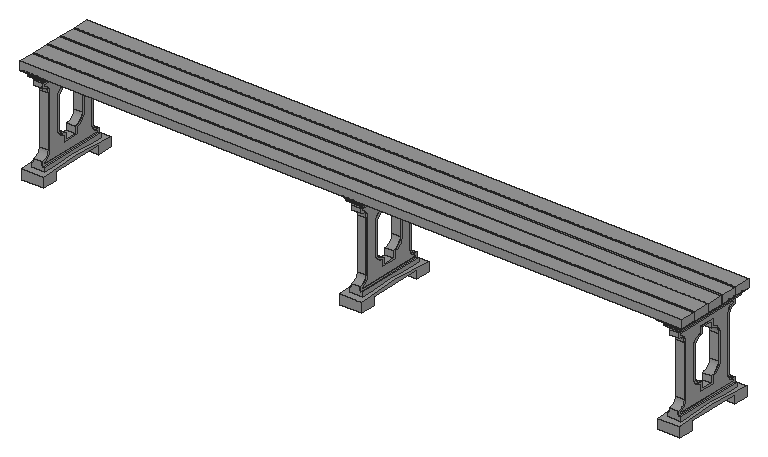
Revit family "Банкетка чугунная «Ладья» Арт 7245", category Антураж, Revit 2018
Family settings
  На основе рабочей плоскости = Нет
  Всегда вертикально = Да
  При загрузке вырезать с полостями = Нет
  Источник визуального образа = Геометрия семейства
  Общий = Нет
  Точка расчета площади = Нет
Parameters (values of type "Версия 3,0 м (3 попры)")
  Ширина = 380 mm  # constant formula
  Цвет опор = Чугун
  Цвет лавки = Дерево
  Средняя опора = or([Версия 2,0 м (3 опоры)], [Версия 3,0 м (3 опоры)])  # yes
  Описание = if([Версия 1,5 м], "Банкетка чугунная «Ладья». Версия 1,5 м", if([Версия 1,8 м], "Банкетка чугунная «Ладья». Версия 1,8 м", if([Версия 2,0 м], "Банкетка чугунная «Ладья». Версия 2,0 м", if([Версия 2,0 м (3 опоры)], "Банкетка чугунная «Ладья». Версия 2,0 м (3 опоры)", "Банкетка чугунная «Ладья». Версия 3,0 м (3 опоры)"))))  # "Банкетка чугунная «Ладья». Версия 3,0 м (3 опоры)"
  Материал изделия = "Чугун, дерево"  # constant formula
  Изображение типоразмера = Банкетка чугунная «Ладья» Арт 7245.jpg
  Изготовитель = "ООО «Хоббика»"  # constant formula
  Длина = if([Версия 1,5 м], 1500 mm, if([Версия 1,8 м], 1800 mm, if([Версия 2,0 м], 2000 mm, if([Версия 2,0 м (3 опоры)], 2000 mm, 3000 mm))))  # 3000 mm
  Группа модели = "Садовые скамейки"  # constant formula
  Высота = 480 mm  # constant formula
  Версия 3,0 м (3 опоры) = yes
  Версия 2,0 м (3 опоры) = no
  Версия 2,0 м = no
  Версия 1,8 м = no
  Версия 1,5 м = no
  Артикул товара = "Арт. 7245"  # constant formula
  URL = "https://hobbyka.ru/product/banketka_chugunnaya_ladya/"
Types (6, lengths in mm): name | Средняя опора | Описание | Длина | Версия 3,0 м (3 опоры) | Версия 2,0 м (3 опоры) | Версия 2,0 м | Версия 1,8 м | Версия 1,5 м
  (no name) | yes | "Банкетка чугунная «Ладья». Версия 3,0 м (3 опоры)" | 3000 | yes | no | no | no | no
  Версия 1,5 м | no | "Банкетка чугунная «Ладья». Версия 1,5 м" | 1500 | no | no | no | no | yes
  Версия 1,8 м | no | "Банкетка чугунная «Ладья». Версия 1,8 м" | 1800 | no | no | no | yes | no
  Версия 2,0 м | no | "Банкетка чугунная «Ладья». Версия 2,0 м" | 2000 | no | no | yes | no | no
  Версия 2,0 м (3 опоры) | yes | "Банкетка чугунная «Ладья». Версия 2,0 м (3 опоры)" | 2000 | no | yes | no | no | no
  Версия 3,0 м (3 попры) | yes | "Банкетка чугунная «Ладья». Версия 3,0 м (3 опоры)" | 3000 | yes | no | no | no | no
Reference planes
  plane 1 "По центру (Вперед/Назад)": y = 0
  plane 2: z = 0
  plane 3 "По центру (Влево/Вправо)": x = 0
  plane 4: x = 3000
  plane 5: x = 2943
  plane 6: x = 56.536
  plane 7: x = 1500
  plane 8: y = 380
  plane 9: z = 480
Forms (mm)
  Extrusion 1, solid, material "Дерево" <- "Цвет лавки"
    sketch origin (0, 0, 0) x (0, 1, 0) y (0, 0, 1)
      loop
        line (380, 480) -> (310, 480) -> (310, 445) -> (380, 445) -> (380, 480)
      loop
        line (232.5, 445) -> (302.5, 445) -> (302.5, 480) -> (232.5, 480) -> (232.5, 445)
      loop
        line (155, 445) -> (225, 445) -> (225, 480) -> (155, 480) -> (155, 445)
      loop
        line (77.5, 445) -> (147.5, 445) -> (147.5, 480) -> (77.5, 480) -> (77.5, 445)
      loop
        line (70, 480) -> (0, 480) -> (0, 445) -> (70, 445) -> (70, 480)
    from 0 to 3000
Dimensions and locks
  "Ширина": plane 8 to plane 1 "По центру (Вперед/Назад)"
  "Высота": plane 9 to plane 2
  locked: plane 3 "По центру (Влево/Вправо)" to plane 6 at 56.536
  equal spacing: plane 3 "По центру (Влево/Вправо)", plane 7, plane 4
  locked: plane 5 to plane 4 at 57
  "Длина": plane 3 "По центру (Влево/Вправо)" to plane 4
  aligned and locked: level to plane 2
  aligned and locked: nested 1 to plane 1 "По центру (Вперед/Назад)"
  aligned and locked: nested 3 to plane 1 "По центру (Вперед/Назад)"
  aligned and locked: nested 2 to plane 1 "По центру (Вперед/Назад)"
  aligned and locked: nested 1 to plane 6
  aligned and locked: nested 3 to plane 7
  aligned and locked: nested 2 to plane 5
  aligned and locked: Extrusion 1 to plane 3 "По центру (Влево/Вправо)"
  aligned and locked: plane 4 to Extrusion 1
Automatic sketch dimensions
  Extrusion 1 sketch curve to Extrusion 1 sketch curve = 70 mm  (x4)
  Extrusion 1 sketch curve to Extrusion 1 sketch curve = 35 mm
  Extrusion 1 sketch curve to plane 9 = 0 mm  (x5)
  Extrusion 1 sketch curve to plane 8 = 0 mm
  Extrusion 1 sketch curve to Extrusion 1 sketch curve = 7.5 mm  (x4)
  Extrusion 1 sketch curve to plane 9 = 35 mm  (x3)
  Extrusion 1 sketch curve to plane 1 "По центру (Вперед/Назад)" = 0 mm
  Extrusion 1 sketch curve to Extrusion 1 sketch curve = 0 mm
Nested families
  nested 1: "Банкетка чугунная «Ладья» Арт 7245 опоры" at (56.536, 380, 0) x (-1, 0, 0) z (0, 0, 1), type "Банкетка чугунная «Ладья» Арт 7245 опоры"
  nested 2: "Банкетка чугунная «Ладья» Арт 7245 опоры" at (2943, 380, 0) x (-1, 0, 0) z (0, 0, 1), type "Банкетка чугунная «Ладья» Арт 7245 опоры"
  nested 3: "Банкетка чугунная «Ладья» Арт 7245 опоры" at (1500, 380, 0) x (-1, 0, 0) z (0, 0, 1), visible <- "Средняя опора", type "Банкетка чугунная «Ладья» Арт 7245 опоры"
Definition of nested family "Банкетка чугунная «Ладья» Арт 7245 опоры"
  Parameters (values of type "Банкетка чугунная «Ладья» Арт 7245 опоры")
    Цвет опоры = none
    Height = 0 mm
  Reference planes
    plane 1 "По центру (Вперед/Назад)": y = 0
    plane 2: z = 0
    plane 3 "По центру (Влево/Вправо)": x = 0
    plane 4: y = 380
    plane 5: z = 480
  Forms (mm)
    Extrusion 1, solid, material <- "Цвет опоры"
      sketch origin (0, 388.15, -25) x (0, 1, 0) y (0, 0, 1)
        loop
          line (-38.15, 406.535) -> (-38.15, 426.535) -> (-358.15, 426.535) -> (-358.15, 406.535)
          arc (-358.15, 406.535) -> (-334.487, 396.733) -> (-324.685, 373.07) r 33.465
          line (-324.685, 373.07) -> (-324.685, 140.989)
          arc (-324.685, 140.989) -> (-334.487, 117.326) -> (-358.15, 107.524) r 33.465
          line (-358.15, 107.524) -> (-358.15, 87.524) -> (-38.15, 87.524) -> (-38.15, 107.524)
          arc (-38.15, 107.524) -> (-61.813, 117.326) -> (-71.615, 140.989) r 33.465
          line (-71.615, 140.989) -> (-71.615, 373.07)
          arc (-71.615, 373.07) -> (-61.813, 396.733) -> (-38.15, 406.535) r 33.465
        loop
          line (-169.53, 393.149) -> (-226.77, 393.149) -> (-226.77, 364.369)
          arc (-226.77, 364.369) -> (-255.779, 352.353) -> (-267.795, 323.345) r 41.024
          line (-267.795, 323.345) -> (-267.795, 210.793)
          arc (-267.795, 210.793) -> (-255.779, 181.784) -> (-226.77, 169.769) r 41.024
          line (-226.77, 169.769) -> (-226.77, 140.989) -> (-169.53, 140.989) -> (-169.53, 169.769)
          arc (-169.53, 169.769) -> (-140.521, 181.784) -> (-128.506, 210.793) r 41.024
          line (-128.506, 210.793) -> (-128.506, 323.345)
          arc (-128.506, 323.345) -> (-140.521, 352.353) -> (-169.53, 364.369) r 41.024
          line (-169.53, 364.369) -> (-169.53, 393.149)
      from -20 to 20
    Extrusion 2, solid, material <- "Цвет опоры"
      sketch origin (0, 398.071, 0) x (0, 1, 0) y (0, 0, 1)
        loop
          line (-85.001, -0.194) -> (-18.071, -0.194) -> (-18.071, 42.728)
          arc (-18.071, 42.728) -> (-208.071, 54.192) -> (-398.071, 42.728) r 1580.132
          line (-398.071, 42.728) -> (-398.071, -0.194) -> (-331.141, -0.194) -> (-331.141, 38.263)
          arc (-331.141, 38.263) -> (-208.071, 43.629) -> (-85.001, 38.263) r 1414.125
          line (-85.001, 38.263) -> (-85.001, -0.194)
      from -50 to 50
    Extrusion 3, solid, material <- "Цвет опоры"
      sketch origin (0, 0, 0) x (0, 1, 0) y (0, 0, 1)
        loop
          line (30, 64.059) -> (30, 44.104)
          arc (30, 44.104) -> (189.997, 52.277) -> (350, 44.207) r 1580.132
          line (350, 44.207) -> (350, 64.059) -> (30, 64.059)
      from -30 to 30
    Extrusion 4, solid, material <- "Цвет опоры"
      sketch origin (0, 390.158, 0) x (0, 1, 0) y (0, 0, 1)
        loop
          line (-40.158, 445) -> (-360.158, 445) -> (-360.158, 401.535) -> (-40.158, 401.535) -> (-40.158, 445)
      from -20 to 20
    Extrusion 5, void
      sketch origin (0, 0, 0) x (0, 1, 0) y (0, 0, 1)
        loop
          line (35, 396.535) -> (35, 386.209)
          arc (35, 386.209) -> (58.913, 373.44) -> (68.465, 348.07) r 38.465
          line (68.465, 348.07) -> (68.465, 115.989)
          arc (68.465, 115.989) -> (58.913, 90.619) -> (35, 77.85) r 38.465
          line (35, 77.85) -> (35, 67.524) -> (345, 67.524) -> (345, 77.85)
          arc (345, 77.85) -> (321.087, 90.619) -> (311.535, 115.989) r 38.465
          line (311.535, 115.989) -> (311.535, 348.07)
          arc (311.535, 348.07) -> (321.087, 373.44) -> (345, 386.209) r 38.465
          line (345, 386.209) -> (345, 396.535) -> (35, 396.535)
        loop
          line (115.355, 298.345) -> (115.355, 185.793)
          arc (115.355, 185.793) -> (127.113, 155.067) -> (156.38, 140.041) r 46.024
          line (156.38, 140.041) -> (156.38, 110.989) -> (223.62, 110.989) -> (223.62, 140.041)
          arc (223.62, 140.041) -> (252.887, 155.067) -> (264.645, 185.793) r 46.024
          line (264.645, 185.793) -> (264.645, 298.345)
          arc (264.645, 298.345) -> (252.887, 329.07) -> (223.62, 344.097) r 46.024
          line (223.62, 344.097) -> (223.62, 373.149) -> (156.38, 373.149) -> (156.38, 344.097)
          arc (156.38, 344.097) -> (127.113, 329.07) -> (115.355, 298.345) r 46.024
      from -20 to -15
    Extrusion 6, void
      sketch origin (0, 0, 0) x (0, 1, 0) y (0, 0, -1)
        loop
          line (35, -396.535) -> (345, -396.535) -> (345, -386.209)
          arc (345, -386.209) -> (321.087, -373.44) -> (311.535, -348.07) r 38.465
          line (311.535, -348.07) -> (311.535, -115.989)
          arc (311.535, -115.989) -> (321.087, -90.619) -> (345, -77.85) r 38.465
          line (345, -77.85) -> (345, -67.524) -> (35, -67.524) -> (35, -77.85)
          arc (35, -77.85) -> (58.913, -90.619) -> (68.465, -115.989) r 38.465
          line (68.465, -115.989) -> (68.465, -348.07)
          arc (68.465, -348.07) -> (58.913, -373.44) -> (35, -386.209) r 38.465
          line (35, -386.209) -> (35, -396.535)
        loop
          arc (115.355, -298.345) -> (127.113, -329.07) -> (156.38, -344.097) r 46.024
          line (156.38, -344.097) -> (156.38, -373.149) -> (223.62, -373.149) -> (223.62, -344.097)
          arc (223.62, -344.097) -> (252.887, -329.07) -> (264.645, -298.345) r 46.024
          line (264.645, -298.345) -> (264.645, -185.793)
          arc (264.645, -185.793) -> (252.887, -155.067) -> (223.62, -140.041) r 46.024
          line (223.62, -140.041) -> (223.62, -110.989) -> (156.38, -110.989) -> (156.38, -140.041)
          arc (156.38, -140.041) -> (127.113, -155.067) -> (115.355, -185.793) r 46.024
          line (115.355, -185.793) -> (115.355, -298.345)
      from -20 to -15
    Sweep 7, solid, material <- "Цвет опоры"
      path origin (0, 0, 0) x (1, 0, 0) y (0, 1, 0)
        loop
          line (-20, 37) -> (20, 37) -> (20, 343) -> (-20, 343) -> (-20, 37)
      profile origin (-20, 190, 0) x (-1, 0, 0) y (0, 0, 1)
        loop
          line (36.536, 441.654) -> (36.536, 445) -> (0, 445) -> (0, 411.535) -> (3.071, 411.535)
          arc (3.071, 411.535) -> (12.488, 414.882) -> (18.735, 422.684) r 18.269
          line (18.735, 422.684) -> (20.872, 430.505)
          arc (20.872, 430.505) -> (27.148, 438.266) -> (36.536, 441.654) r 18.559
  Cuts and joins
    Extrusion 5, Extrusion 6 cuts Extrusion 1
    joined: Extrusion 1, Extrusion 2, Extrusion 3
  Dimensions and locks
    plane 5 to level = 480 mm
    plane 4 to plane 1 "По центру (Вперед/Назад)" = 380 mm
    aligned and locked: level to plane 2
